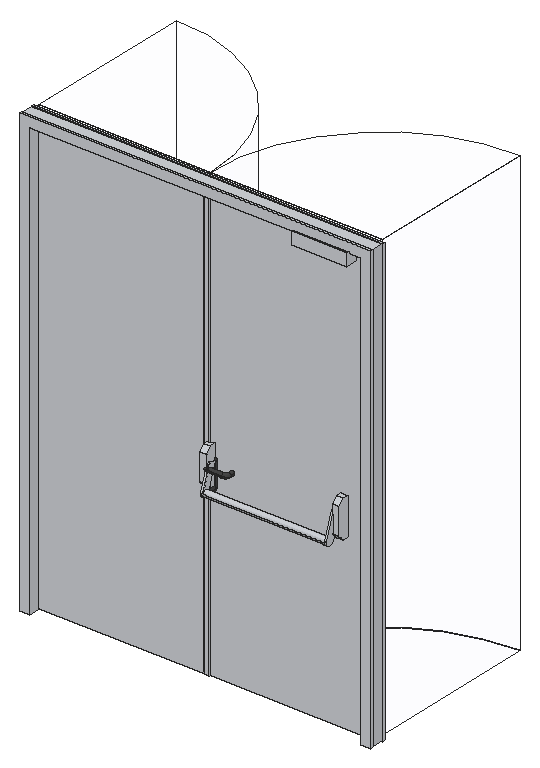
Revit family "Gamme MetalFeu  2V - Tunnel", category Portes, Revit 2020
Family settings
  Basée sur le plan de construction = Non
  Toujours verticalement = Oui
  Couper avec des vides une fois chargée = Non
  Partagée = Non
  Point de calcul de pièce = Non
Parameters (values of type "MetalFeu 2V - 1800 x 2400")
  Largeur Réservation = 1956 mm
  Hauteur Réservation = 2478 mm
  FP DC340 Bras - OP [instance] = yes
  Elévation par défaut = 0 mm
  Définir les propriétés thermiques par = Type schématique
  Côte_passage_libre_Hauteur = 0 mm
  Côte_ouverture_vantail_semi_fixe [instance] = Largeur Réservation - 1000 mm  # 956 mm
  Construction analytique = "<Aucun>"
  Béquille P1F - OP [instance] = yes
  Béquille P1F - CP [instance] = yes
  Barre Antipanique CROSS [instance] = yes
Reference planes
  plane 1 "Centre (avant/arrière)": y = 0
  plane 2: z = 0
  plane 3 "Centre (gauche/droite)": x = 0
  plane 4: x = -978
  plane 5: x = 978
  plane 6 "Hauteur Réservation": z = 2478
  plane 7 "Hauteur Vantail": z = 2436
  plane 8 "Niveau Bas du Vantail": z = 10
  plane 9 "Hauteur Aile de recouvrement": z = 2436
  plane 10 "Hauteur béquille": z = 1069
  plane 11 "Niveau Bas Paumelle du bas": z = 42
  plane 12 "Niveau Bas Paumelle du milieu": z = 991
  plane 13 "Niveau Bas paumelle du Haut": z = 1909
  plane 14 "Niveau haut surépaisseur EI120": z = 2432.828
  plane 15 "Niv haut aile de recouvrement": z = 2414
Forms (mm)
  Sweep 1, solid
    path origin (0, 0, 0) x (1, 0, 0) y (0, 0, 1)
      loop
        line (-978, 0) -> (-978, 2478) -> (978, 2478) -> (978, 0)
    profile origin (-978, 0, 1239) x (-1, 0, 0) y (0, -1, 0)
      loop
        line (-5.172, 27.111) -> (-6.672, 27.111) -> (-6.672, 93.111) -> (-5.172, 93.111) -> (-5.172, 106.111) -> (-60.172, 106.111) -> (-60.172, 56.111) -> (-43.172, 56.111) -> (-43.172, 28.111) -> (-45.172, 26.111) -> (-45.172, 14.111) -> (-5.172, 14.111) -> (-5.172, 27.111)
  Extrusion 2, solid
    sketch origin (432.397, -1, 0) x (1, 0, 0) y (0, 1, 0)
      loop
        line (-1381.492, 0) -> (-1381.492, -14) -> (-1380.492, -14) -> (-1380.492, -1) -> (-1357.492, -1) -> (-1357.492, -53) -> (-434.429, -53) -> (-418.3, -56.5) -> (-396.416, -56.5) -> (-396.416, -53.803) -> (-418.3, -53.803) -> (-424.116, -52.541) -> (-424.116, -6) -> (-435, -6) -> (-435, -7) -> (-425.116, -7) -> (-425.116, -16) -> (-450.116, -16) -> (-450.116, 0) -> (-1381.492, 0)
    from 10 to 2436
  Extrusion 3, solid
    sketch origin (0, 0, 0) x (-1, 0, 0) y (0, -1, 0)
      loop
        line (-953, 0) -> (4.249, 0) -> (4.249, 14) -> (3.249, 14) -> (3.249, 1) -> (-18.751, 1) -> (-18.751, 53) -> (-930, 53) -> (-930, 1) -> (-952, 1) -> (-952, 14) -> (-953, 14) -> (-953, 0)
    from 10 to 2436
  Extrusion 4, solid
    sketch origin (0, 0, 2414) x (1, 0, 0) y (0, 1, 0)
      loop
        line (-15, -1.506) -> (-15, 0) -> (0, 0) -> (0, 3.494) -> (-40, 3.494) -> (-40, -1.506) -> (-15, -1.506)
    from 0 to 22.26
  Extrusion 5, solid, material "Verre"
    sketch origin (0, 0, 2414) x (1, 0, 0) y (0, 1, 0)
      loop
        line (953, 0) -> (953, 953)
        arc (953, 953) -> (279.127, 673.873) -> (0, 0) r 953
        line (0, 0) -> (953, 0)
    from 58.828 to -2404
  Extrusion 6, solid, material "Verre"
    sketch origin (0, 0, 2414) x (-1, 0, 0) y (0, -1, 0)
      loop
        line (956, 0) -> (0, 0)
        arc (0, 0) -> (280.006, -675.994) -> (956, -956) r 956
        line (956, -956) -> (956, 0)
    from 58.828 to -2404
Cuts and joins
  joined: Extrusion 3, Extrusion 4
Dimensions and locks
  equal spacing: plane 4, plane 3 "Centre (gauche/droite)", plane 5
  "Largeur Réservation": plane 4 to plane 5
  "Hauteur Réservation": plane 6 "Hauteur Réservation" to level
  locked: plane 8 "Niveau Bas du Vantail" to level at 10
  locked: plane 6 "Hauteur Réservation" to plane 7 "Hauteur Vantail" at 42
  locked: plane 6 "Hauteur Réservation" to plane 9 "Hauteur Aile de recouvrement" at 42
  locked: plane 10 "Hauteur béquille" to level at 1069
  locked: plane 11 "Niveau Bas Paumelle du bas" to level at 42
  locked: plane 12 "Niveau Bas Paumelle du milieu" to level at 991
  locked: plane 13 "Niveau Bas paumelle du Haut" to level at 1909
  locked: nested 1 to plane 4 at 23.993
  locked: nested 2 to plane 10 "Hauteur béquille" at 104
  locked: nested 3 to plane 6 "Hauteur Réservation" at 55
  locked: plane 14 "Niveau haut surépaisseur EI120" to plane 6 "Hauteur Réservation" at 45.172
  locked: plane 15 "Niv haut aile de recouvrement" to plane 6 "Hauteur Réservation" at 64
  locked: Sweep 1 sketch curve to profile plane at 14.111
  locked: profile plane to Sweep 1 sketch curve at 5.172
  locked: cut or joined group of Extrusion 3, Extrusion 4 to cut or joined group of Extrusion 3, Extrusion 4 at 53
  cut or joined group of Extrusion 3, Extrusion 4 to cut or joined group of Extrusion 3, Extrusion 4 to cut or joined group of Extrusion 3, Extrusion 4 = 22 mm locked, 1 mm locked
  cut or joined group of Extrusion 3, Extrusion 4 to cut or joined group of Extrusion 3, Extrusion 4 to cut or joined group of Extrusion 3, Extrusion 4 = 1 mm locked, 22 mm locked
  Extrusion 2 sketch curve to Extrusion 2 sketch curve to Extrusion 2 sketch curve = 1 mm locked, 23 mm locked
  Extrusion 2 sketch curve to Extrusion 2 sketch curve to Extrusion 2 sketch curve = 25 mm locked, 1 mm locked
  locked: Extrusion 2 sketch curve to Extrusion 2 sketch curve at 27.7
  locked: Extrusion 2 to plane 3 "Centre (gauche/droite)" at 17.719
  locked: plane 3 "Centre (gauche/droite)" to cut or joined group of Extrusion 3, Extrusion 4 at 18.751
  locked: plane 4 to Sweep 1 at 5.172
  locked: plane 4 to Extrusion 2 at 28.905
  locked: Sweep 1 to plane 5 at 5.172
  locked: cut or joined group of Extrusion 3, Extrusion 4 to plane 5 at 48
  nested 3 to plane 5 = 130 mm
  locked: nested 2 to plane 5 at 176.808
  plane 5 to Extrusion 3 = 982.249 mm
  locked: plane 3 "Centre (gauche/droite)" to plane 5 at 978
  "Côte_ouverture_vantail_semi_fixe": Extrusion 6 sketch curve to Extrusion 6 sketch curve  (x2)
  aligned and locked: level to plane 2
  aligned and locked: plane 4 to Sweep 1 sketch curve
  aligned and locked: Sweep 1 sketch curve to plane 6 "Hauteur Réservation"
  aligned and locked: Sweep 1 sketch curve to plane 5
  aligned and locked: level to Sweep 1 sketch curve  (x2)
  aligned and locked: Extrusion 2 to plane 8 "Niveau Bas du Vantail"
  aligned and locked: plane 7 "Hauteur Vantail" to Extrusion 2
  aligned and locked: nested 1 to plane 13 "Niveau Bas paumelle du Haut"
  aligned and locked: plane 7 "Hauteur Vantail" to cut or joined group of Extrusion 3, Extrusion 4
  aligned and locked: Extrusion 5 to Extrusion 2
  aligned and locked: Sweep 1 to Extrusion 5
Automatic sketch dimensions
  profile plane to Sweep 1 sketch curve = 5.172 mm
  Sweep 1 sketch curve to Sweep 1 sketch curve = 1.5 mm
  Sweep 1 sketch curve to Sweep 1 sketch curve = 36.5 mm
  Sweep 1 sketch curve to Sweep 1 sketch curve = 2 mm  (x2)
  Sweep 1 sketch curve to Sweep 1 sketch curve = 17 mm
  Sweep 1 sketch curve to Sweep 1 sketch curve = 12 mm
  Sweep 1 sketch curve to Sweep 1 sketch curve = 13 mm  (x2)
  Sweep 1 sketch curve to Sweep 1 sketch curve = 28 mm
  Sweep 1 sketch curve to Sweep 1 sketch curve = 37 mm
  plane 4 to Extrusion 2 sketch curve = 28.905 mm
  plane 1 "Centre (avant/arrière)" to Extrusion 2 sketch curve = 1 mm
  Extrusion 2 sketch curve to plane 3 "Centre (gauche/droite)" = 17.719 mm
  Extrusion 2 sketch curve to plane 3 "Centre (gauche/droite)" = 2.603 mm
  Extrusion 2 sketch curve to plane 3 "Centre (gauche/droite)" = 2.032 mm
  Extrusion 2 sketch curve to Extrusion 2 sketch curve = 5.816 mm
  Extrusion 2 sketch curve to Extrusion 2 sketch curve = 0 mm
  plane 1 "Centre (avant/arrière)" to Extrusion 2 sketch curve = 2 mm
  plane 1 "Centre (avant/arrière)" to Extrusion 2 sketch curve = 7 mm
  Extrusion 2 sketch curve to Extrusion 2 sketch curve = 1 mm
  Extrusion 2 sketch curve to Extrusion 2 sketch curve = 13 mm
  Extrusion 2 sketch curve to Extrusion 2 sketch curve = 16 mm
  Extrusion 2 sketch curve to Extrusion 2 sketch curve = 36.541 mm
  Extrusion 2 sketch curve to Extrusion 2 sketch curve = 0.459 mm
  Extrusion 2 sketch curve to Extrusion 2 sketch curve = 1.262 mm
  Extrusion 2 sketch curve to Extrusion 2 sketch curve = 2.697 mm
  plane 1 "Centre (avant/arrière)" to Extrusion 3 sketch curve = 0 mm
  plane 5 to Extrusion 3 sketch curve = 25 mm
  Extrusion 3 sketch curve to Extrusion 3 sketch curve = 1 mm  (x2)
  Extrusion 3 sketch curve to plane 1 "Centre (avant/arrière)" = 1 mm  (x2)
  Extrusion 3 sketch curve to Extrusion 3 sketch curve = 22 mm
  Extrusion 3 sketch curve to plane 3 "Centre (gauche/droite)" = 18.751 mm
  plane 3 "Centre (gauche/droite)" to Extrusion 3 sketch curve = 3.249 mm
  Extrusion 3 sketch curve to Extrusion 3 sketch curve = 13 mm
  Extrusion 3 sketch curve to plane 1 "Centre (avant/arrière)" = 14 mm
  Extrusion 3 sketch curve to Extrusion 3 sketch curve = 39 mm
  plane 1 "Centre (avant/arrière)" to Extrusion 4 sketch curve = 0 mm
  Extrusion 4 sketch curve to plane 3 "Centre (gauche/droite)" = 0 mm
  Extrusion 4 sketch curve to Extrusion 4 sketch curve = 15 mm
  Extrusion 4 sketch curve to plane 1 "Centre (avant/arrière)" = 3.494 mm
  Extrusion 4 sketch curve to Extrusion 4 sketch curve = 25 mm
  plane 1 "Centre (avant/arrière)" to Extrusion 4 sketch curve = 1.506 mm
  plane 1 "Centre (avant/arrière)" to Extrusion 5 sketch curve = 0 mm
  Extrusion 5 sketch curve to plane 3 "Centre (gauche/droite)" = 0 mm
  Extrusion 5 sketch curve to plane 5 = 25 mm
  plane 1 "Centre (avant/arrière)" to Extrusion 6 sketch curve = 0 mm
  Extrusion 6 sketch curve to plane 3 "Centre (gauche/droite)" = 0 mm
Nested families
  nested 1: "Axe Paumelle Turia" at (-954.007, 12, 1909), type "Axe Paumelle Turia"
  nested 2: "Barre antipanique CROSS-bis" at (46.898, -53, 965), visible <- "Barre Antipanique CROSS", type "Barre antipanique CROSS-bis"
    with Longueur Tube/Barre 800 mm, Longeur tube 680 mm, Lg entre manoeuvre 680 mm, Lg Tube 680 mm
  nested 3: "Ferme-porte DC340 - Montage Opposé Paumelles" at (848, -53, 2354), visible <- "FP DC340 Bras - OP", type "Ferme-porte DC340 - Montage Opposé Paumelles"
  nested 4: "Béquille Nylon Premium" at (50, -0.106, 1023) x (-1, 0, 0) z (0, 0, 1), visible <- "Béquille P1F - CP", type "Béquille Nylon Premium"
    with Nylon noir Materiel Béquille Standard
  nested 5: "Béquille Nylon Premium" at (52.398, -53, 1023) x (-1, 0, 0) z (0, 0, 1), visible <- "Béquille P1F - OP", type "Béquille Nylon Premium"
    with Nylon noir Materiel Béquille Standard
Definition of nested family "Axe Paumelle Turia"
  Parameters
    Default Elevation = 0 mm
  Reference planes
    plane 1 "Centre (avant/arrière)": y = 0
    plane 2: z = 0
    plane 3 "Centre (gauche/droite)": x = 0
    plane 4 "Partie haute paumelle": z = 123
  Forms (mm)
    Extrusion 1, solid
      sketch origin (0, 0, 0) x (1, 0, 0) y (0, 1, 0)
        loop
          circle (0, 0) r 3
      from 0 to 123
    Extrusion 2, solid
      sketch origin (0, 0, 0) x (1, 0, 0) y (0, 1, 0)
        loop
          circle (0, 0) r 12
      from 0 to 6
    Extrusion 3, solid
      sketch origin (0, 0, 123) x (1, 0, 0) y (0, 1, 0)
        loop
          circle (0, 0) r 12
      from 0 to -6
    Extrusion 4, solid
      sketch origin (0, 0, 123) x (1, 0, 0) y (0, 1, 0)
        loop
          circle (0, 0) r 11.8
      from -6 to -9
    Extrusion 5, solid
      sketch origin (0, 0, 0) x (1, 0, 0) y (0, 1, 0)
        loop
          circle (0, 0) r 11.8
      from 6 to 9
    Extrusion 6, solid
      sketch origin (0, 0, 0) x (1, 0, 0) y (0, 1, 0)
        loop
          line (-12, 0) -> (-12, -13) -> (12, -13) -> (12, 0)
          arc (12, 0) -> (0, 12) -> (-12, 0) r 12
      from 9 to 11.5
    Extrusion 7, solid
      sketch origin (0, 0, 123) x (1, 0, 0) y (0, 1, 0)
        loop
          line (-12, 0) -> (-12, -15) -> (12, -15) -> (12, 0)
          arc (12, 0) -> (0, 12) -> (-12, 0) r 12
      from -11.5 to -9
    Extrusion 8, solid, not visible
      sketch origin (102.985, -75.376, 315) x (1, 0, 0) y (0, 1, 0)
        loop
          line (-81.011, 40.849) -> (-78.011, 40.849) -> (-78.011, 78.446)
          arc (-78.011, 78.446) -> (-79.305, 81.57) -> (-82.43, 82.865) r 4.419
          line (-82.43, 82.865) -> (-102.174, 82.865)
          arc (-102.174, 82.865) -> (-103.478, 83.405) -> (-104.018, 84.708) r 1.844
          line (-104.018, 84.708) -> (-104.018, 98.199)
          arc (-104.018, 98.199) -> (-127.294, 102.006) -> (-106.998, 89.992) r 12
          line (-106.998, 89.992) -> (-106.998, 84.381)
          arc (-106.998, 84.381) -> (-105.427, 81.088) -> (-102.033, 79.751) r 4.977
          line (-102.033, 79.751) -> (-82.033, 79.751)
          arc (-82.033, 79.751) -> (-81.31, 79.452) -> (-81.011, 78.729) r 1.022
          line (-81.011, 78.729) -> (-81.011, 40.849)
      from 0 to 100
    Extrusion 9, solid
      sketch origin (116.018, -97.865, 11.5) x (1, 0, 0) y (0, 1, 0)
        loop
          line (-81.011, 40.849) -> (-78.011, 40.849) -> (-78.011, 78.446)
          arc (-78.011, 78.446) -> (-79.305, 81.57) -> (-82.43, 82.865) r 4.419
          line (-82.43, 82.865) -> (-102.174, 82.865)
          arc (-102.174, 82.865) -> (-103.478, 83.405) -> (-104.018, 84.708) r 1.844
          line (-104.018, 84.708) -> (-104.018, 98.199)
          arc (-104.018, 98.199) -> (-127.294, 102.006) -> (-106.998, 89.992) r 12
          line (-106.998, 89.992) -> (-106.998, 84.381)
          arc (-106.998, 84.381) -> (-105.427, 81.088) -> (-102.033, 79.751) r 4.977
          line (-102.033, 79.751) -> (-82.033, 79.751)
          arc (-82.033, 79.751) -> (-81.31, 79.452) -> (-81.011, 78.729) r 1.022
          line (-81.011, 78.729) -> (-81.011, 40.849)
      from 0 to 100
  Dimensions and locks
    aligned and locked: level to plane 2
    aligned and locked: Extrusion 9 to Extrusion 7  (x2)
Definition of nested family "Barre antipanique CROSS-bis"
  Parameters (values of type "Barre antipanique CROSS-bis")
    Longueur barre = Largeur entre manoeuvre - 20 mm  # 680 mm
    Longueur Tube/Barre [instance] = 800 mm
    Longeur tube [instance] = 680 mm
    Lg entre manoeuvre [instance] = 680 mm
    Lg Tube [instance] = Lg entre manoeuvre  # 680 mm
    Largeur entre manoeuvre = 700 mm
    Default Elevation = 0 mm
  Reference planes
    plane 1 "Centre (avant/arrière)": y = 0
    plane 2: z = 0
    plane 3 "Centre (gauche/droite)": x = 0
    plane 4 "Plan manoeuvre BAP": x = -18
    plane 5 "Plan Bras Manoeuvre": x = 18
    plane 6 "Plan Barre BAP": x = 28
  Forms (mm)
    Extrusion 1, solid
      sketch origin (-18, 0, 0) x (0, 1, 0) y (0, 0, 1)
        loop
          line (0, 0) -> (30, 0) -> (60, 30) -> (60, 178) -> (30, 208) -> (0, 208) -> (0, 0)
      from 0 to 36
    Extrusion 2, solid
      sketch origin (-18, 0, 0) x (0, 1, 0) y (0, 0, 1)
        loop
          line (0, 0) -> (30, 0) -> (60, 30) -> (60, 178) -> (30, 208) -> (0, 208) -> (0, 0)
      from 736 to 772.294
    Extrusion 3, solid
      sketch origin (18, 0, 0) x (0, -1, 0) y (0, 0, 1)
        loop
          arc (-99.794, 6.84) -> (-87.84, -18.794) -> (-62.206, -6.84) r 20
          line (-62.206, -6.84) -> (-12.613, 129.415) -> (-50.201, 143.096) -> (-99.794, 6.84)
      from 0 to -10
    Extrusion 4, solid
      sketch origin (708, 0, 0) x (0, 1, 0) y (0, 0, 1)
        loop
          line (12.613, 129.415) -> (62.206, -6.84)
          arc (62.206, -6.84) -> (87.84, -18.794) -> (99.794, 6.84) r 20
          line (99.794, 6.84) -> (50.201, 143.096) -> (12.613, 129.415)
      from 0 to 10
    Sweep 5, solid
      path origin (0, 0, 0) x (1, 0, 0) y (0, 1, 0)
        loop
          line (28, 81) -> (708, 81)
      profile origin (368, 81, 0) x (0, 1, 0) y (0, 0, 1)
        loop
          circle (0, 0) r 17.5
  Dimensions and locks
    locked: Extrusion 1 sketch curve to Extrusion 1 sketch curve at 60
    locked: Extrusion 1 sketch curve to Extrusion 1 sketch curve at 208
    plane 1 "Centre (avant/arrière)" to Extrusion 1 sketch curve = 0 mm
    locked: Extrusion 1 sketch curve to Extrusion 1 sketch curve at 30  (x2)
    locked: plane 4 "Plan manoeuvre BAP" to plane 3 "Centre (gauche/droite)" at 18
    locked: Extrusion 2 sketch curve to Extrusion 1 at 30
    locked: Extrusion 1 to Extrusion 2 sketch curve at 30
    Extrusion 1 to Extrusion 2 sketch curve = 30 mm
    locked: Extrusion 2 to Extrusion 2 at 36.294
    locked: plane 4 "Plan manoeuvre BAP" to plane 5 "Plan Bras Manoeuvre" at 36
    plane 1 "Centre (avant/arrière)" to Extrusion 3 sketch curve = 81 mm
    Extrusion 3 sketch curve to Extrusion 2 = 0 mm
    locked: Extrusion 3 sketch curve to Extrusion 3 sketch curve at 165
    locked: Extrusion 3 sketch curve to Extrusion 3 sketch curve at 40
    plane 1 "Centre (avant/arrière)" to Extrusion 4 sketch curve = 81 mm
    level to Extrusion 4 sketch curve = 0 mm
    locked: plane 5 "Plan Bras Manoeuvre" to plane 6 "Plan Barre BAP" at 10
    "Longueur barre": Sweep 5 sketch curve to Sweep 5 sketch curve
    plane 1 "Centre (avant/arrière)" to Sweep 5 sketch curve = 81 mm
    locked: Sweep 5 sketch curve to level
    locked: plane 1 "Centre (avant/arrière)" to Sweep 5 sketch curve at 81
    locked: Extrusion 1 to Extrusion 3
    locked: Extrusion 4 to Extrusion 2 at 10
    locked: Extrusion 1 to Extrusion 3 at 10
    locked: Sweep 5 to Extrusion 3
    Sweep 5 sketch curve to plane 6 "Plan Barre BAP" = 0 mm
    locked: Extrusion 1 to Extrusion 1 at 36
    locked: Extrusion 1 to plane 4 "Plan manoeuvre BAP"
    locked: plane 6 "Plan Barre BAP" to Sweep 5
    Extrusion 3 to Extrusion 4 = 680 mm
    locked: Extrusion 4 to Extrusion 2
    locked: Extrusion 4 to Sweep 5
    aligned and locked: level to plane 2
  Automatic sketch dimensions
    Extrusion 1 sketch curve to level = 0 mm
    level to Extrusion 1 sketch curve = 30 mm
    Extrusion 1 sketch curve to Extrusion 1 sketch curve = 30 mm
    Extrusion 2 sketch curve to level = 0 mm
    Extrusion 2 sketch curve to plane 1 "Centre (avant/arrière)" = 0 mm
    Extrusion 2 sketch curve to Extrusion 2 sketch curve = 30 mm  (x3)
    Extrusion 3 sketch curve to plane 1 "Centre (avant/arrière)" = 12.613 mm
    level to Extrusion 3 sketch curve = 6.84 mm
    Extrusion 3 sketch curve to level = 6.84 mm
    Extrusion 4 sketch curve to plane 1 "Centre (avant/arrière)" = 12.613 mm
    Extrusion 4 sketch curve to Extrusion 4 sketch curve = 13.681 mm
    Extrusion 4 sketch curve to level = 6.84 mm
    level to Extrusion 4 sketch curve = 6.84 mm
    radius of Extrusion 4 sketch curve = 20 mm
    radius of Sweep 5 sketch curve = 17.5 mm
Definition of nested family "Ferme-porte DC340 - Montage Opposé Paumelles"
  Parameters
    Default Elevation = 0 mm
  Reference planes
    plane 1 "Centre (avant/arrière)": y = 0
    plane 2: z = 0
    plane 3 "Centre (gauche/droite)": x = 0
    plane 4 "Niveau Haut du corps": z = 69
    plane 5 "Niveau bas du rail": z = 82
  Forms (mm)
    Extrusion 1, solid
      sketch origin (0, 0, 0) x (1, 0, 0) y (0, 1, 0)
        loop
          line (0, -63) -> (0, 0) -> (-308, 0) -> (-308, -63) -> (0, -63)
      from 0 to 69
  Dimensions and locks
    locked: Extrusion 1 sketch curve to Extrusion 1 sketch curve at 308
    locked: Extrusion 1 sketch curve to Extrusion 1 sketch curve at 63
    locked: plane 4 "Niveau Haut du corps" to plane 2 at 69
    locked: plane 5 "Niveau bas du rail" to level at 82
    locked: Extrusion 1 sketch curve to plane 1 "Centre (avant/arrière)"
    aligned and locked: level to plane 2
    aligned and locked: Extrusion 1 sketch curve to plane 3 "Centre (gauche/droite)"
Definition of nested family "Béquille Nylon Premium"
  Parameters (values of type "Béquille Nylon Premium")
    Nylon noir [instance] = none
    Default Elevation = 0 mm
  Reference planes
    plane 1 "Centre (avant/arrière)": y = 0
    plane 2: z = 0
    plane 3 "Centre (gauche/droite)": x = 0
  Forms (mm)
    Extrusion 1, solid, material <- "Nylon noir"
      sketch origin (0, 0, 0) x (1, 0, 0) y (0, 0, 1)
        loop
          line (-23, 66) -> (-23, -66)
          arc (-23, -66) -> (0, -89) -> (23, -66) r 23
          line (23, -66) -> (23, 66)
          arc (23, 66) -> (0, 89) -> (-23, 66) r 23
      from 0 to 9
    Extrusion 2, void
      sketch origin (0, 0, 0) x (1, 0, 0) y (0, 0, 1)
        loop
          line (5.5, -46) -> (5.5, -33.124)
          arc (5.5, -33.124) -> (0, -17) -> (-5.5, -33.124) r 9
          line (-5.5, -33.124) -> (-5.5, -46)
          arc (-5.5, -46) -> (0, -51.5) -> (5.5, -46) r 5.5
      from -4.814 to 18.923
    Sweep 3, solid, material <- "Nylon noir"
      path origin (0, 0, 0) x (1, 0, 0) y (0, 1, 0)
        loop
          line (0, -9) -> (0, -38)
          arc (0, -38) -> (-4.686, -49.314) -> (-16, -54) r 16
          line (-16, -54) -> (-104, -54)
          arc (-104, -54) -> (-115.314, -49.314) -> (-120, -38) r 16
          line (-120, -38) -> (-120, -15.013)
      profile origin (0, -23.5, 0) x (1, 0, 0) y (0, 0, 1)
        loop
          circle (0, 46) r 11
  Cuts and joins
    Extrusion 2 cuts Extrusion 1
  Dimensions and locks
    locked: plane 3 "Centre (gauche/droite)" to Extrusion 1 sketch curve at 23
    Extrusion 1 sketch curve to plane 3 "Centre (gauche/droite)" = 23 mm
    locked: Sweep 3 sketch curve to cut or joined group of Extrusion 1, Extrusion 2 at 45
    locked: Sweep 3 sketch curve to Sweep 3 sketch curve at 120
    Sweep 3 sketch curve to Sweep 3 sketch curve = 16 mm  (x4)
    locked: Sweep 3 sketch curve to cut or joined group of Extrusion 1, Extrusion 2
    Sweep 3 sketch curve to Sweep 3 sketch curve = 38.987 mm
    locked: level to Sweep 3 at 46
    locked: cut or joined group of Extrusion 1, Extrusion 2 to level at 46
    aligned and locked: level to plane 2
